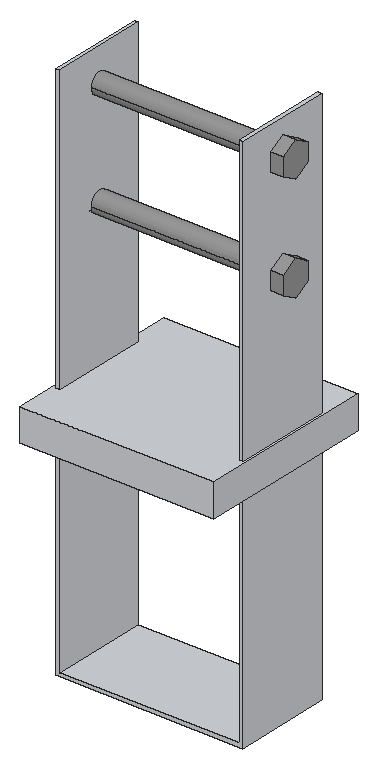
Revit family "060523 - W_P_C - Fastenings - Column Base - Simpson - CBS", category Generic Models, Revit 2019
Family settings
  Can host rebar = No
  Round Connector Dimension = Use Diameter
  Part Type = Normal
  Work Plane-Based = No
  Always vertical = Yes
  Cut with Voids When Loaded = No
  Shared = No
  Room Calculation Point = No
Parameters (values of type "CBS66")
  W2 = 0' - 5 1/2"
  W1 = 0' - 5 1/2"
  H = 0' - 8 3/4"
  Gauge = 0' - 0 27/256"
  Flange Width = 0' - 3"
  D = 0' - 6 7/8"
Reference planes (in)
  plane 1 "Center (Front/Back)": y = 0
  plane 2: z = 0
  plane 3 "Center (Left/Right)": x = 0
  plane 4: x = -2.75
  plane 5: x = 2.75
  plane 6: y = 2.75
  plane 7: y = -2.75
  plane 8: x = 2.85547
  plane 9: x = -2.85547
  plane 10: y = 1.5
  plane 11: y = -1.5
  plane 12: x = 2.96094
  plane 13: x = -2.96094
  plane 14: z = 9.75
  plane 15: z = -6.875
  plane 16: z = 1
  plane 17: z = 8.75
  plane 18: z = 5.5
  plane 19: z = -6.76953
Forms (in)
  Extrusion 1, solid
    sketch origin (0, 0, 0) x (1, 0, 0) y (0, 1, 0)
      loop
        line (-2.96094, 2.75) -> (-2.96094, -2.75) -> (2.96094, -2.75) -> (2.96094, 2.75) -> (-2.96094, 2.75)
    from 0 to 1
  Extrusion 2, solid
    sketch origin (-2.85547, 5.74308, 48) x (0, 1, 0) y (0, 0, 1)
      loop
        line (-4.24308, -38.25) -> (-7.24308, -38.25) -> (-7.24308, -54.875) -> (-4.24308, -54.875) -> (-4.24308, -38.25)
    from 0 to 0.10547
  Extrusion 3, solid
    sketch origin (-2.85547, 5.74308, 48) x (0, 1, 0) y (0, 0, 1)
      loop
        line (-4.24308, -54.76953) -> (-7.24308, -54.76953) -> (-7.24308, -54.875) -> (-4.24308, -54.875) -> (-4.24308, -54.76953)
    from 0 to 5.71094
  Extrusion 4, solid
    sketch origin (2.85547, 6.4455, 48) x (0, 1, 0) y (0, 0, 1)
      loop
        line (-4.9455, -38.25) -> (-7.9455, -38.25) -> (-7.9455, -54.875) -> (-4.9455, -54.875) -> (-4.9455, -38.25)
    from 0 to -0.10547
Cuts and joins
  joined: Extrusion 2, Extrusion 3, Extrusion 4
Dimensions and locks (in)
  equal spacing: plane 4, plane 3 "Center (Left/Right)", plane 5
  equal spacing: plane 6, plane 1 "Center (Front/Back)", plane 7
  "W2": plane 6 to plane 7
  "W1": plane 4 to plane 5
  "Gauge": plane 5 to plane 8
  "Gauge": plane 9 to plane 4
  equal spacing: plane 10, plane 1 "Center (Front/Back)", plane 11
  plane 10 to plane 1 "Center (Front/Back)" to plane 11 = 0' - 1 1/2", 0' - 1 1/2"
  "Gauge": plane 13 to plane 9
  "Gauge": plane 8 to plane 12
  "H": plane 14 to plane 16
  locked: plane 16 to plane 2 at 1
  "D": plane 2 to plane 15
  "Flange Width": plane 10 to plane 11
  plane 14 to plane 17 to plane 18 = 0' - 1" locked, 0' - 3 1/4" locked
  "Gauge": plane 19 to plane 15
  aligned and locked: plane 2 to level
  aligned and locked: plane 13 to Extrusion 1 sketch curve
  aligned and locked: Extrusion 1 sketch curve to plane 6
  aligned and locked: Extrusion 1 sketch curve to plane 12
  aligned and locked: plane 7 to Extrusion 1 sketch curve
  aligned and locked: plane 11 to Extrusion 2 sketch curve
  aligned and locked: plane 4 to Extrusion 2
  aligned and locked: Extrusion 2 to plane 15
  aligned and locked: plane 14 to Extrusion 2
  aligned and locked: nested 1 to plane 17
  aligned and locked: nested 2 to plane 18
  aligned and locked: plane 15 to Extrusion 3 sketch curve
  aligned and locked: plane 11 to Extrusion 3 sketch curve
  aligned and locked: Extrusion 3 sketch curve to plane 10
  aligned and locked: Extrusion 3 sketch curve to plane 19
  aligned and locked: plane 8 to Extrusion 3
  aligned and locked: Extrusion 4 to plane 5
  aligned and locked: nested 1 to plane 8
  aligned and locked: nested 2 to plane 8
Automatic sketch dimensions
  Extrusion 2 sketch curve to plane 10 = 0' - 0"
  Extrusion 2 sketch curve to level = 0' - 6 7/8"
  level to Extrusion 2 sketch curve = 0' - 9 3/4"
  Extrusion 4 sketch curve to plane 11 = 0' - 0"
  Extrusion 4 sketch curve to plane 10 = 0' - 0"
  Extrusion 4 sketch curve to plane 15 = 0' - 0"
  Extrusion 4 sketch curve to plane 14 = 0' - 0"
Nested families (in)
  nested 1: "050523 - W_P_C - Fastenings - Lag Bolt or Thru Bolt" at (-2.85547, 0, 8.75) x (0, -1, 0) z (-1, 0, 0), type "5/8" x 6""
    with Thickness_of_Substrate 0' - 5 91/128", Nut_Visibility yes, Bolt Material (Size) STRUCTURAL BOLTS (PAINT TO MATCH STEEL FINISH), Side 0' - 0.54199", Radius 0' - 0 5/16", Length 0' - 6", Head Size 0' - 0 15/16", Head Radius 0' - 0 15/32", Diameter 0' - 0 5/8"
  nested 2: "050523 - W_P_C - Fastenings - Lag Bolt or Thru Bolt" at (-2.85547, 0, 5.5) x (0, -1, 0) z (-1, 0, 0), type "5/8" x 6""
    with Thickness_of_Substrate 0' - 5 91/128", Nut_Visibility yes, Bolt Material (Size) STRUCTURAL BOLTS (PAINT TO MATCH STEEL FINISH), Side 0' - 0.54199", Radius 0' - 0 5/16", Length 0' - 6", Head Size 0' - 0 15/16", Head Radius 0' - 0 15/32", Diameter 0' - 0 5/8"
Definition of nested family "050523 - W_P_C - Fastenings - Lag Bolt or Thru Bolt"
  Parameters (values of type "1/2" x 3"")
    Thickness_of_Substrate [instance] = 0' - 1"
    Side = Head Size * 0.57812  # 0' - 0 111/256"
    Radius = Diameter / 2  # 0' - 0 1/4"
    Nut_Visibility [instance] = yes
    Length = 0' - 3"
    Head Size = 0' - 0 3/4"
    Head Radius = Head Size / 2  # 0' - 0 3/8"
    Head Height = 0' - 0 27/64"
    Diameter = 0' - 0 1/2"
    Default Elevation = 4' - 0"
    Bolt Material (Size) [instance] = none
  Types (21): name | Side | Radius | Length | Head Size | Head Radius | Head Height | Diameter
    1/2" x 3" | 0' - 0 111/256" | 0' - 0 1/4" | 0' - 3" | 0' - 0 3/4" | 0' - 0 3/8" | 0' - 0 27/64" | 0' - 0 1/2"
    1/4" x 3" | 0' - 0.25293" | 0' - 0 1/8" | 0' - 3" | 0' - 0 7/16" | 0' - 0 7/32" | 0' - 0 11/64" | 0' - 0 1/4"
    5/16" x 3" | 0' - 0 37/128" | 0' - 0 5/32" | 0' - 3" | 0' - 0 1/2" | 0' - 0 1/4" | 0' - 0 7/32" | 0' - 0 5/16"
    3/8" x 3" | 0' - 0.3252" | 0' - 0 3/16" | 0' - 3" | 0' - 0 9/16" | 0' - 0 9/32" | 0' - 0 1/4" | 0' - 0 3/8"
    7/16" x 3" | 0' - 0.36133" | 0' - 0 7/32" | 0' - 3" | 0' - 0 5/8" | 0' - 0 5/16" | 0' - 0 19/64" | 0' - 0 7/16"
    5/8" x 3" | 0' - 0.54199" | 0' - 0 5/16" | 0' - 3" | 0' - 0 15/16" | 0' - 0 15/32" | 0' - 0 27/64" | 0' - 0 5/8"
    1/2" x 2 1/2" | 0' - 0 111/256" | 0' - 0 1/4" | 0' - 2 1/2" | 0' - 0 3/4" | 0' - 0 3/8" | 0' - 0 11/32" | 0' - 0 1/2"
    3/4" x 2" | 0' - 0.65039" | 0' - 0 3/8" | 0' - 2" | 0' - 1 1/8" | 0' - 0 9/16" | 0' - 0 1/2" | 0' - 0 3/4"
    3/8" x 1" | 0' - 0.3252" | 0' - 0 3/16" | 0' - 1" | 0' - 0 9/16" | 0' - 0 9/32" | 0' - 0 1/4" | 0' - 0 3/8"
    1/2" x 4" | 0' - 0 111/256" | 0' - 0 1/4" | 0' - 4" | 0' - 0 3/4" | 0' - 0 3/8" | 0' - 0 1/2" | 0' - 0 1/2"
    1/2" x 2" | 0' - 0 111/256" | 0' - 0 1/4" | 0' - 2" | 0' - 0 3/4" | 0' - 0 3/8" | 0' - 0 1/2" | 0' - 0 1/2"
    ONE | 0' - 0 111/128" | 0' - 0 1/2" | 0' - 3" | 0' - 1 1/2" | 0' - 0 3/4" | 0' - 0 151/256" | 0' - 1"
    3/4" x 4" | 0' - 0.65039" | 0' - 0 3/8" | 0' - 3" | 0' - 1 1/8" | 0' - 0 9/16" | 0' - 0 1/2" | 0' - 0 3/4"
    #10 | 0' - 0.1626" | 0' - 0.09961" | 0' - 4" | 0' - 0 9/32" | 0' - 0 9/64" | 0' - 0 1/8" | 0' - 0 51/256"
    1/4" | 0' - 0.25293" | 0' - 0 1/8" | 0' - 4" | 0' - 0 7/16" | 0' - 0 7/32" | 0' - 0 11/64" | 0' - 0 1/4"
    1" | 0' - 0 111/128" | 0' - 0 1/2" | 0' - 4" | 0' - 1 1/2" | 0' - 0 3/4" | 0' - 0 43/64" | 0' - 1"
    7/8" | 0' - 0.75879" | 0' - 0 7/16" | 0' - 4" | 0' - 1 5/16" | 0' - 0 21/32" | 0' - 0 37/64" | 0' - 0 7/8"
    5/8" | 0' - 0.54199" | 0' - 0 5/16" | 0' - 10 1/2" | 0' - 0 15/16" | 0' - 0 15/32" | 0' - 0 27/64" | 0' - 0 5/8"
    1/2" | 0' - 0 111/256" | 0' - 0 1/4" | 0' - 4" | 0' - 0 3/4" | 0' - 0 3/8" | 0' - 0 1/2" | 0' - 0 1/2"
    3/4" | 0' - 0.65039" | 0' - 0 3/8" | 0' - 7" | 0' - 1 1/8" | 0' - 0 9/16" | 0' - 0 1/2" | 0' - 0 3/4"
    3/8" | 0' - 0.3252" | 0' - 0 3/16" | 0' - 4" | 0' - 0 9/16" | 0' - 0 9/32" | 0' - 0 1/4" | 0' - 0 3/8"
  Reference planes (in)
    plane 1 "Center (Front/Back)": y = 0
    plane 2: z = 0
    plane 3 "Center (Left/Right)": x = 0
    plane 4: z = 0.42187
    plane 5: z = -3
    plane 6: y = 0
    plane 7: x = 0
    plane 8: z = -1
  Forms (in)
    Extrusion 1, solid, material <- "Bolt Material (Size)"
      sketch origin (0, 0, 0) x (1, 0, 0) y (0, 1, 0)
        loop
          circle (0, 0) r 0.25
      from -3 to 0
  Lines and regions (in)
    model lines
      curve 1: line (0, -0.64952, 0.42188) -> (0, 0.64952, 0.42188)
      curve 2: line (0.375, 0, 0.42188) -> (-0.375, 0, 0.42188)
    symbolic lines
      curve 3: line (0, 0, 0.42187) -> (0, 0, -3)
      curve 4: line (0, 0, 0.42187) -> (0, 0, -3)
  Dimensions and locks (in)
    "Head Height": plane 4 to level
    "Length": level to plane 5
    "Thickness_of_Substrate": plane 2 to plane 8
    "Radius": radius of Extrusion 1 sketch curve
    aligned and locked: level to plane 2
    aligned and locked: Extrusion 1 to plane 5
    aligned and locked: plane 7 to curve 1
    aligned and locked: plane 6 to curve 2
    aligned and locked: plane 6 to curve 4
  Automatic sketch dimensions
    curve 3 to plane 3 "Center (Left/Right)" = 0' - 0"
    curve 3 to plane 5 = 0' - 0"
    curve 3 to plane 4 = 0' - 0"
    curve 4 to plane 5 = 0' - 0"
    curve 4 to plane 4 = 0' - 0"
    curve 1 to curve 2 = 0' - 0.64952"
    curve 2 to curve 1 = 0' - 0.64952"
    curve 2 to nested 1 = 0' - 0"  (x2)
    plane 1 "Center (Front/Back)" to Extrusion 1 sketch curve = 0' - 0"
    Extrusion 1 sketch curve to plane 3 "Center (Left/Right)" = 0' - 0"
  Nested families (in)
    nested 1: "Nut" at (0, 0, 0), Diameter <- "Diameter", Head Height <- "Head Height", Head Size <- "Head Size", Bolt Material (Size) <- "Bolt Material (Size)", type "one"
      with Side 0' - 0 111/256", Radius 0' - 0 1/4", Head Size 0' - 0 3/4", Head Radius 0' - 0 3/8", Head Height 0' - 0 27/64", Diameter 0' - 0 1/2", Bolt Material (Size) none
    nested 2: "Nut" at (0, 0, -1) x (1, 0, 0) z (0, 0, -1), Diameter <- "Diameter", Head Height <- "Head Height", Head Size <- "Head Size", visible <- "Nut_Visibility", type "one"
      with Side 0' - 0 111/256", Radius 0' - 0 1/4", Head Size 0' - 0 3/4", Head Radius 0' - 0 3/8", Head Height 0' - 0 27/64", Diameter 0' - 0 1/2", Bolt Material (Size) none
  Definition of nested family "Nut"
    Parameters (values of type "one")
      Side [instance] = Head Size * 0.57812  # 0' - 0 111/256"
      Radius [instance] = Diameter / 2  # 0' - 0 1/4"
      Head Size [instance] = 0' - 0 3/4"
      Head Radius [instance] = Head Size / 2  # 0' - 0 3/8"
      Head Height [instance] = 0' - 0 11/32"
      Diameter [instance] = 0' - 0 1/2"
      Default Elevation = 4' - 0"
      Bolt Material (Size) [instance] = none
    Reference planes (in)
      plane 1 "Center (Front/Back)": y = 0
      plane 2: z = 0
      plane 3 "Center (Left/Right)": x = 0
      plane 4: z = 0.34375
      plane 5: y = 0
      plane 6: x = 0
    Forms (in)
      Extrusion 1, solid, material <- "Bolt Material (Size)"
        sketch origin (0, 0, 0) x (1, 0, 0) y (0, 1, 0)
          loop
            line (0, 0.43301) -> (-0.375, 0.21651) -> (-0.375, -0.21651) -> (0, -0.43301) -> (0.375, -0.21651) -> (0.375, 0.21651) -> (0, 0.43301)
        from 0 to 0.34375
    Lines and regions (in)
      symbolic lines
        curve 1: line (0, 0, 0.34375) -> (0, 0, -3)
    Dimensions and locks (in)
      "Head Height": plane 4 to level
      "Head Radius": Extrusion 1 sketch curve to plane 3 "Center (Left/Right)"
      "Head Radius": Extrusion 1 sketch curve to plane 6
      "Head Radius": Extrusion 1 sketch curve to plane 5  (x2)
      locked: Extrusion 1 sketch curve to Extrusion 1 sketch curve (angle 120.00°)  (x5)
      aligned and locked: level to plane 2
      aligned and locked: Extrusion 1 to plane 4
      aligned and locked: plane 5 to curve 1
    Automatic sketch dimensions
      curve 1 to plane 4 = 0' - 0"
      curve 1 to level = 0' - 3"
      Extrusion 1 sketch curve to plane 3 "Center (Left/Right)" = 0' - 0"  (x2)
